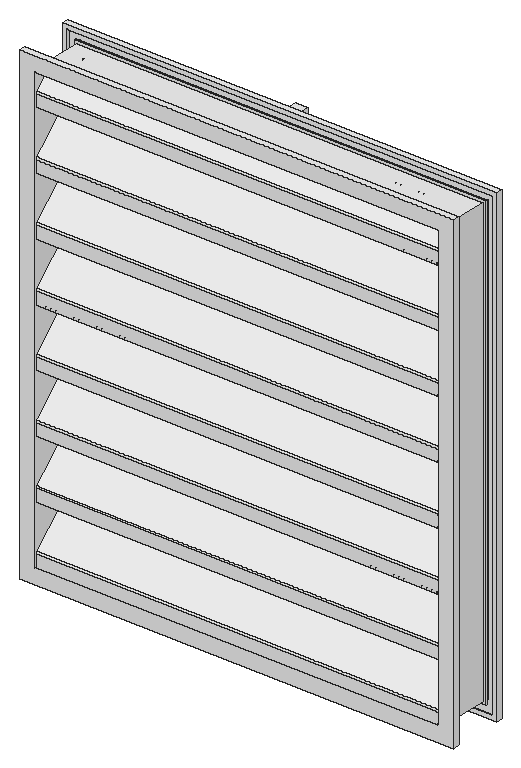
Revit family
Parameters (values of type "OHCL-C-102")
  URL = "http://www.productspec.net/products/18505/holyoake-industries-ltd/large-blade-outside-horizontal-louvers-ohl-102.aspx"
  Type Comments = "102mm Closable Horizontal Curved Profile Louvers in Channel Surround"
  Technical Data = "http://www.collate.co.nz/nas/TechnicalFiles/2367/p18505/F3-F5%20OHCL102%20124.pdf"
  Ownership = "Holyoake Industries Limited"
  Overall Opening = Exact Neck Height - 50.80 mm  # 769.20 mm
  Overall Depth = 38.30 mm
  Nominal Width = 756.00 mm
  Nominal Height = 826.00 mm
  Model = "OHCL-C-102"
  Manufacturer = "Holyoake Industries Limited"
  Keynote = ""
  Gang Bar With Actuator Width (plus min. 300mm clearance) = 150.00 mm
  Clearance Min. = 300.00 mm
  Channel Width = 25.40 mm
  Channel Thickness = 103.20 mm
  Exact Neck Width = Nominal Width - 6.00 mm  # 750.00 mm
  Exact Neck Height = Nominal Height - 6.00 mm  # 820.00 mm
  Description = "Holyoake Outside Horizontal Louvre"
  Created By = "Productspec Limited"
  Frame & Blades = Aluminium
  Top Blade Height = Overall Opening - Blade Cut Setout  # 55.20 mm
  Connector Width = Exact Neck Width - 74.80 mm  # 675.20 mm
  Connector Height = Exact Neck Height - 74.80 mm  # 745.20 mm
  Blade Width = 101.40 mm
  Blade Pitch = 102.00 mm
  Blade Offset = (Channel Thickness - Blade Width) / 2  # 0.90 mm
  Blade Length = Exact Neck Width - 50.80 mm  # 699.20 mm
  Blade Height = 134.90 mm
  Blade Cut Setout = Blade Count * Blade Pitch  # 714.00 mm
  Blade Count = Blade Array Count - 1  # 7
  Gang Bar Width (plus min. 300mm clearance) = 50.00 mm
  Blade Control = yes
  Blade Array Count = Overall Opening / Blade Pitch  # 7.5412
  Author = "Zinder Zhao"
  Assembly Code = ""
  Accessories = "Aluminium Bird mesh or insect mesh (fibreglass)"
Types (2, lengths in mm): name | Type Comments | Technical Data | Overall Opening | Nominal Width | Nominal Height | Model | Exact Neck Width | Exact Neck Height | Top Blade Height | Connector Width | Connector Height | Blade Length | Blade Cut Setout | Blade Count | Blade Control | Blade Array Count
  OHL-C-102 | "102mm Horizontal Curved Profile Louvers in Channel Surround" | "http://www.collate.co.nz/nas/TechnicalFiles/2367/p18505/F1-F2%20OHL102%20124.pdf" | 709.20 | 741.00 | 766.00 | "OHL-C-102" | 735.00 | 760.00 | 97.20 | 660.20 | 685.20 | 684.20 | 612.00 | 6 | no | 6.9529
  OHCL-C-102 | "102mm Closable Horizontal Curved Profile Louvers in Channel Surround" | "http://www.collate.co.nz/nas/TechnicalFiles/2367/p18505/F3-F5%20OHCL102%20124.pdf" | 769.20 | 756.00 | 826.00 | "OHCL-C-102" | 750.00 | 820.00 | 55.20 | 675.20 | 745.20 | 699.20 | 714.00 | 7 | yes | 7.5412
Reference planes
  plane 1 "Centre": y = 0
  plane 2: z = 25.4
  plane 3 "Center (Left/Right)": x = -20.2
  plane 4 "Overall Opening": z = 794.6
  plane 5: y = 103.2
  plane 6: z = 127.4
  plane 7: x = -398.2
  plane 8: x = 354.8
  plane 9: x = 357.8
  plane 10: x = -395.2
  plane 11: z = 820
  plane 12: z = 823
  plane 13: z = 410
  plane 14: z = 160.3
  plane 15 "Cut Blade Setout": z = 739.4
  plane 16 "Blade Offset": y = 0.9
  plane 17: z = 0
  plane 18: y = 102.3
  plane 19: z = -3
  plane 20: z = 782.6
  plane 21: z = 37.4
  plane 22: x = -357.8
  plane 23: x = 317.4
  plane 24: x = -369.8
  plane 25: x = 329.4
  plane 26: y = 153.2
  plane 27: y = 253.2
Forms (mm)
  Sweep 1, solid, material "Aluminium" <- "Frame & Blades", detail levels fine
    path origin (0, 0, 0) x (1, 0, 0) y (0, 0, 1)
      loop
        line (329.4, 25.4) -> (329.4, 794.6) -> (-369.8, 794.6) -> (-369.8, 25.4) -> (329.4, 25.4)
    profile "Holyoake_OutsideLouvre_OHL-102_Channel_profile : OHL-102 Channel Profile" origin (329.4, 0, 410) x (-1, 0, 0) y (0, -1, 0)
      loop
        line (12, -103.2) -> (12, -101.6) -> (0, -101.6) -> (0, 0) -> (-25.4, 0) -> (-25.4, -10.6) -> (-18.8, -10.6) -> (-18.8, -7.5) -> (-22.2, -7.5) -> (-22.2, -1.9) -> (-3.2, -1.9) -> (-3.2, -7.5) -> (-6.1, -7.5) -> (-6.1, -10.6) -> (-2.3, -10.6) -> (-2.3, -92.9) -> (-6.1, -92.9) -> (-6.1, -95.7) -> (-3.2, -95.7) -> (-3.2, -101.3) -> (-22.2, -101.3) -> (-22.2, -95.7) -> (-18.8, -95.7) -> (-18.8, -92.9) -> (-25.4, -92.9) -> (-25.4, -103.2) -> (12, -103.2)
  Extrusion 2, solid, material "Aluminium" <- "Frame & Blades", detail levels coarse+medium
    sketch origin (0, 0, 0) x (1, 0, 0) y (0, 1, 0)
      loop
        line (-395.2, 103.2) -> (-395.2, 0) -> (354.8, 0) -> (354.8, 103.2) -> (-395.2, 103.2)
    from 0 to 820
Dimensions and locks
  "Overall Opening": plane 4 "Overall Opening" to plane 2
  equal spacing: group 1, group 2, group 3, group 4, group 5, group 6, group 7  (x3)
  "Blade Pitch": plane 6 to plane 2
  "Blade Cut Setout": plane 15 "Cut Blade Setout" to plane 2
  "Blade Height": plane 14 to plane 2
  locked: plane 7 to plane 10 at 3
  locked: plane 12 to plane 11 at 3
  equal spacing: plane 10, plane 3 "Center (Left/Right)", plane 8
  "Exact Neck Width": plane 10 to plane 8
  "Nominal Width": plane 7 to plane 9
  "Blade Length": plane 24 to plane 25
  "Channel Thickness": plane 5 to plane 1 "Centre"
  equal spacing: plane 11, plane 13, plane 17
  "Exact Neck Height": plane 11 to plane 17
  "Nominal Height": plane 12 to plane 19
  "Blade Width": plane 18 to plane 16 "Blade Offset"
  "Channel Width": plane 10 to plane 24
  "Channel Width": plane 11 to plane 4 "Overall Opening"
  "Connector Height": plane 21 to plane 20
  "Connector Width": plane 22 to plane 23
  "Blade Offset": plane 16 "Blade Offset" to plane 1 "Centre"
  locked: plane 24 to plane 22 at 12
  locked: plane 4 "Overall Opening" to plane 20 at 12
  "Gang Bar With Actuator Width (plus min. 300mm clearance)": plane 5 to plane 27
  "Gang Bar Width (plus min. 300mm clearance)": plane 5 to plane 26
  aligned and locked: plane 4 "Overall Opening" to Sweep 1 sketch curve
  aligned and locked: Sweep 1 sketch curve to plane 2
  aligned and locked: Sweep 1 to plane 4 "Overall Opening"
  aligned and locked: nested 1 to plane 2  (x2)
  aligned and locked: nested 2 to plane 6  (x2)
  aligned and locked: plane 14 to nested 1  (x2)
  aligned and locked: plane 18 to nested 1  (x2)
  aligned and locked: plane 18 to nested 2
  aligned and locked: plane 2 to Sweep 1
  aligned and locked: nested 1 to plane 18
  aligned and locked: nested 3 to plane 15 "Cut Blade Setout"  (x2)
  aligned and locked: plane 4 "Overall Opening" to nested 3
  aligned and locked: Sweep 1 to plane 2
  aligned and locked: Sweep 1 to plane 20
  aligned and locked: plane 21 to Sweep 1  (x3)
  aligned and locked: plane 10 to Sweep 1
  aligned and locked: plane 8 to Sweep 1
  aligned and locked: plane 5 to Sweep 1
  aligned and locked: plane 25 to Sweep 1
  aligned and locked: plane 24 to Sweep 1
  aligned and locked: plane 11 to Sweep 1
  aligned and locked: plane 17 to Sweep 1
  aligned and locked: nested 1 to plane 16 "Blade Offset"
  aligned and locked: nested 2 to plane 16 "Blade Offset"
  aligned and locked: nested 4 to plane 16 "Blade Offset"
  aligned and locked: plane 16 "Blade Offset" to nested 3
  aligned and locked: plane 18 to nested 4
  aligned and locked: plane 20 to Sweep 1  (x3)
  aligned and locked: nested 3 to plane 24
  aligned and locked: nested 3 to plane 25
  aligned and locked: Sweep 1 sketch curve to plane 24
  aligned and locked: Sweep 1 sketch curve to plane 25
  aligned and locked: Sweep 1 to plane 21
  aligned and locked: plane 22 to Sweep 1
  aligned and locked: plane 23 to Sweep 1
  aligned and locked: Sweep 1 to plane 23
  aligned and locked: plane 26 to nested 6
  aligned and locked: plane 3 "Center (Left/Right)" to nested 6
  aligned and locked: Extrusion 2 sketch curve to Sweep 1  (x3)
  aligned and locked: Sweep 1 to Extrusion 2 sketch curve
  aligned and locked: Extrusion 2 to plane 17
  aligned and locked: plane 11 to Extrusion 2
Nested families
  nested 1: "Holyoake_OutsideLouvre_OHL-102_Blade" at (-20.2, 0.9, 25.4), type "Holyoake_OutsideLouvre_OHL-102_Blade"
    with Length 699.20 mm
  nested 2: "Holyoake_OutsideLouvre_OHL-102_Blade" at (-20.2, 0.9, 127.4), type "Holyoake_OutsideLouvre_OHL-102_Blade"
    with Length 699.20 mm
  nested 3: "Holyoake_OutsideLouvre_OHL-102_BladeCutted" at (-20.2, 0.9, 739.4), type "Holyoake_OutsideLouvre_OHL-102_BladeCutted"
    with Length 699.20 mm
  nested 4: "Holyoake_OutsideLouvre_OHL-102_Blade" at (-20.2, 0.9, 229.4), type "Holyoake_OutsideLouvre_OHL-102_Blade"
    with Length 699.20 mm
  nested 5: "Holyoake_OutsideLouvre_OHL-102_Blade" at (-20.2, 0.9, 331.4), type "Holyoake_OutsideLouvre_OHL-102_Blade"
    with Length 699.20 mm
  nested 6: "Holyoake_OutsideLouvre_OHCL_BladeControl" at (-40.2, 128.2, 25.4), visible <- "Blade Control", type "OHCL Blade Control", detail levels fine
  nested 7: "Holyoake_OutsideLouvre_OHL-102_Blade" at (-20.2, 0.9, 433.4), type "Holyoake_OutsideLouvre_OHL-102_Blade"
    with Length 699.20 mm
  nested 8: "Holyoake_OutsideLouvre_OHL-102_Blade" at (-20.2, 0.9, 535.4), type "Holyoake_OutsideLouvre_OHL-102_Blade"
    with Length 699.20 mm
  nested 9: "Holyoake_OutsideLouvre_OHL-102_Blade" at (-20.2, 0.9, 637.4), type "Holyoake_OutsideLouvre_OHL-102_Blade"
    with Length 699.20 mm
Connectors
  hvac at (-20.2, 103.2, 410), driven by "Connector Height", driven by "Connector Width"
    settings: on Sweep 1, index 1
Definition of nested family "Holyoake_OutsideLouvre_OHL-102_Blade"
  Parameters (values of type "Holyoake_OutsideLouvre_OHL-102_Blade")
    Width = 101.40 mm
    URL = "http://www.holyoake.co.nz/407.0.html"
    Type Comments = "Outside Louvre Blade"
    Ownership = "Holyoake Industries Ltd"
    Model = "OHL-102 Blade"
    Manufacturer = "Holyoake Industries Ltd"
    Length = 684.20 mm
    Height = 134.90 mm
    Created By = "Productspec Ltd"
    Blade = Aluminium
    Author = "Zinder Zhao"
    Assembly Code = ""
  Reference planes
    plane 1 "Center (Front/Back)": y = 0
    plane 2: z = 0
    plane 3 "Center (Left/Right)": x = 0
    plane 4: x = -342.1
    plane 5: x = 342.1
    plane 6: z = 134.9
    plane 7: y = 101.4
  Forms (mm)
    Sweep 1, solid, material "Aluminium" <- "Blade", detail levels fine
      path origin (0, 0, 0) x (1, 0, 0) y (0, 1, 0)
        loop
          line (-342.1, 0) -> (342.1, 0)
      profile "Holyoake_OutsideLouvre_OHL-102_Blade_profile : OHL-102 Blade Profile" origin (0, 0, 0) x (0, 1, 0) y (0, 0, 1)
        loop
          arc (3.972, 1.479) -> (4.111, 2.267) -> (3.498, 2.781) r 0.8
          line (3.498, 2.781) -> (2.071, 2.116)
          arc (2.071, 2.116) -> (1.586, 2.28) -> (1.3, 2.704) r 0.8
          line (1.3, 2.704) -> (1.3, 20.828)
          arc (1.3, 20.828) -> (1.61, 22.352) -> (2.491, 23.634) r 3.9
          line (2.491, 23.634) -> (70.385, 89.198)
          arc (70.385, 89.198) -> (71.887, 92.732) -> (71.132, 96.497) r 6.5
          line (71.132, 96.497) -> (68.665, 99.998)
          arc (68.665, 99.998) -> (68.163, 102.307) -> (69.469, 104.276) r 3.036
          line (69.469, 104.276) -> (88.354, 117.469) -> (88.354, 119.37)
          arc (88.354, 119.37) -> (88.595, 119.868) -> (89.098, 120.1) r 0.821
          line (89.098, 120.1) -> (94.898, 120.1) -> (94.898, 122.09) -> (100.723, 122.09)
          arc (100.723, 122.09) -> (101.182, 122.329) -> (101.4, 122.798) r 0.8
          line (101.4, 122.798) -> (101.4, 134.9) -> (100.6, 134.9) -> (97.428, 133.421)
          arc (97.428, 133.421) -> (97.289, 132.633) -> (97.902, 132.119) r 0.8
          line (97.902, 132.119) -> (99.329, 132.784)
          arc (99.329, 132.784) -> (99.813, 132.62) -> (100.1, 132.196) r 0.8
          line (100.1, 132.196) -> (100.1, 124.103)
          arc (100.1, 124.103) -> (99.87, 123.62) -> (99.387, 123.39) r 0.8
          line (99.387, 123.39) -> (93.598, 123.39) -> (93.598, 121.4) -> (87.811, 121.4)
          arc (87.811, 121.4) -> (87.321, 121.147) -> (87.101, 120.641) r 0.821
          line (87.101, 120.641) -> (87.101, 118.177) -> (68.933, 105.453)
          arc (68.933, 105.453) -> (66.907, 102.649) -> (67.597, 99.258) r 4.309
          line (67.597, 99.258) -> (70.023, 95.815)
          arc (70.023, 95.815) -> (70.595, 92.874) -> (69.449, 90.106) r 5.2
          line (69.449, 90.106) -> (1.588, 24.573)
          arc (1.588, 24.573) -> (0.413, 22.865) -> (0, 20.833) r 5.2
          line (0, 20.833) -> (0, 0) -> (0.8, 0) -> (3.972, 1.479)
  Dimensions and locks
    equal spacing: plane 4, plane 3 "Center (Left/Right)", plane 5
    "Length": plane 4 to plane 5
    "Height": plane 2 to plane 6
    "Width": plane 7 to plane 1 "Center (Front/Back)"
    aligned and locked: plane 1 "Center (Front/Back)" to Sweep 1 sketch curve
    aligned and locked: level to plane 2
    aligned and locked: plane 4 to Sweep 1
    aligned and locked: plane 5 to Sweep 1
    aligned and locked: Sweep 1 to plane 2
    aligned and locked: Sweep 1 to plane 6
    aligned and locked: plane 1 "Center (Front/Back)" to Sweep 1
  Automatic sketch dimensions
    Sweep 1 sketch curve to plane 4 = 0.00 mm
    Sweep 1 sketch curve to plane 5 = 0.00 mm
Definition of nested family "Holyoake_OutsideLouvre_OHL-102_BladeCutted"
  Parameters (values of type "Holyoake_OutsideLouvre_OHL-102_BladeCutted")
    Width = 101.40 mm
    URL = "http://www.holyoake.co.nz/407.0.html"
    Type Comments = "Outside Louvre Blade"
    Ownership = "Holyoake Industries Ltd"
    Model = "OHL-102 Blade"
    Manufacturer = "Holyoake Industries Ltd"
    Length = 684.20 mm
    Height = 134.90 mm
    Created By = "Productspec Ltd"
    Blade Cut Setout = 55.20 mm
    Blade = Aluminium
    Author = "Zinder Zhao"
    Assembly Code = ""
  Reference planes
    plane 1 "Center (Front/Back)": y = 0
    plane 2: z = 0
    plane 3 "Center (Left/Right)": x = 0
    plane 4 "Left": x = -342.1
    plane 5 "Right": x = 342.1
    plane 6 "Top": z = 134.9
    plane 7: y = 101.4
    plane 8: z = 55.2
  Forms (mm)
    Sweep 1, solid, material "Aluminium" <- "Blade", detail levels fine
      path origin (0, 0, 0) x (1, 0, 0) y (0, 1, 0)
        loop
          line (-342.1, 0) -> (342.1, 0)
      profile "Holyoake_OutsideLouvre_OHL-102_Blade_profile : OHL-102 Blade Profile" origin (0, 0, 0) x (0, 1, 0) y (0, 0, 1)
        loop
          arc (3.972, 1.479) -> (4.111, 2.267) -> (3.498, 2.781) r 0.8
          line (3.498, 2.781) -> (2.071, 2.116)
          arc (2.071, 2.116) -> (1.586, 2.28) -> (1.3, 2.704) r 0.8
          line (1.3, 2.704) -> (1.3, 20.828)
          arc (1.3, 20.828) -> (1.61, 22.352) -> (2.491, 23.634) r 3.9
          line (2.491, 23.634) -> (70.385, 89.198)
          arc (70.385, 89.198) -> (71.887, 92.732) -> (71.132, 96.497) r 6.5
          line (71.132, 96.497) -> (68.665, 99.998)
          arc (68.665, 99.998) -> (68.163, 102.307) -> (69.469, 104.276) r 3.036
          line (69.469, 104.276) -> (88.354, 117.469) -> (88.354, 119.37)
          arc (88.354, 119.37) -> (88.595, 119.868) -> (89.098, 120.1) r 0.821
          line (89.098, 120.1) -> (94.898, 120.1) -> (94.898, 122.09) -> (100.723, 122.09)
          arc (100.723, 122.09) -> (101.182, 122.329) -> (101.4, 122.798) r 0.8
          line (101.4, 122.798) -> (101.4, 134.9) -> (100.6, 134.9) -> (97.428, 133.421)
          arc (97.428, 133.421) -> (97.289, 132.633) -> (97.902, 132.119) r 0.8
          line (97.902, 132.119) -> (99.329, 132.784)
          arc (99.329, 132.784) -> (99.813, 132.62) -> (100.1, 132.196) r 0.8
          line (100.1, 132.196) -> (100.1, 124.103)
          arc (100.1, 124.103) -> (99.87, 123.62) -> (99.387, 123.39) r 0.8
          line (99.387, 123.39) -> (93.598, 123.39) -> (93.598, 121.4) -> (87.811, 121.4)
          arc (87.811, 121.4) -> (87.321, 121.147) -> (87.101, 120.641) r 0.821
          line (87.101, 120.641) -> (87.101, 118.177) -> (68.933, 105.453)
          arc (68.933, 105.453) -> (66.907, 102.649) -> (67.597, 99.258) r 4.309
          line (67.597, 99.258) -> (70.023, 95.815)
          arc (70.023, 95.815) -> (70.595, 92.874) -> (69.449, 90.106) r 5.2
          line (69.449, 90.106) -> (1.588, 24.573)
          arc (1.588, 24.573) -> (0.413, 22.865) -> (0, 20.833) r 5.2
          line (0, 20.833) -> (0, 0) -> (0.8, 0) -> (3.972, 1.479)
    Extrusion 2, void
      sketch origin (0, 0, 0) x (1, 0, 0) y (0, 0, 1)
        loop
          line (-342.1, 250) -> (-342.1, 55.2) -> (342.1, 55.2) -> (342.1, 250) -> (-342.1, 250)
      from -101.4 to 0
  Cuts and joins
    Extrusion 2 cuts Sweep 1
  Dimensions and locks
    equal spacing: plane 4 "Left", plane 3 "Center (Left/Right)", plane 5 "Right"
    "Length": plane 4 "Left" to plane 5 "Right"
    "Height": plane 2 to plane 6 "Top"
    "Width": plane 7 to plane 1 "Center (Front/Back)"
    "Blade Cut Setout": plane 8 to plane 2
    aligned and locked: plane 1 "Center (Front/Back)" to Sweep 1 sketch curve
    aligned and locked: level to plane 2
    aligned and locked: plane 4 "Left" to Sweep 1
    aligned and locked: plane 5 "Right" to Sweep 1
    aligned and locked: Extrusion 2 to plane 4 "Left"
    aligned and locked: plane 5 "Right" to Extrusion 2
    aligned and locked: plane 1 "Center (Front/Back)" to Extrusion 2
    aligned and locked: Extrusion 2 to plane 8
    aligned and locked: Extrusion 2 to Sweep 1
  Automatic sketch dimensions
    Sweep 1 sketch curve to plane 4 "Left" = 0.00 mm
    Sweep 1 sketch curve to plane 5 "Right" = 0.00 mm
    plane 6 "Top" to Extrusion 2 sketch curve = 79.70 mm
    plane 4 "Left" to Extrusion 2 sketch curve = 0.00 mm
    plane 3 "Center (Left/Right)" to Extrusion 2 sketch curve = 342.10 mm
    Extrusion 2 sketch curve to plane 6 "Top" = 115.10 mm
Definition of nested family "Holyoake_OutsideLouvre_OHCL_BladeControl"
  Parameters (values of type "OHCL Blade Control")
    Width = 40.00 mm
    URL = "http://www.productspec.net/products/comp/2367/holyoake-industries-ltd-products.aspx"
    Type Comments = "Closable Louvre Blade Control"
    Ownership = "Holyoake Industries Ltd"
    Model = "OHCL - 124 & 102"
    Manufacturer = "Holyoake Industries Ltd"
    Length = 769.20 mm
    Created By = "Productspec Ltd"
    Bracket Width = 15.00 mm
    Bracket Pitch = 102.00 mm
    Bracket Offset = Bracket Pitch  # 102.00 mm
    Bracket Number = Length / Bracket Pitch - 1  # 7
    Bracket = Aluminium
    Author = "Zinder Zhao"
    Assembly Code = ""
  Reference planes
    plane 1 "Center (Front/Back)": y = 0
    plane 2: z = 0
    plane 3 "Right": x = 40
    plane 4 "Centre": x = 20
    plane 5: y = 25
    plane 6: y = -35
    plane 7: z = 769.2
    plane 8: z = 102
    plane 9: z = 117
    plane 10: z = 204
    plane 11 "Left": x = 0
  Forms (mm)
    Extrusion 1, solid, material "Aluminium" <- "Bracket", detail levels medium+fine
      sketch origin (40, 0, 0) x (0, 1, 0) y (0, 0, 1)
        loop
          line (25, 769.2) -> (0, 769.2) -> (0, 0) -> (25, 0) -> (25, 769.2)
      from -40 to -20
    Extrusion 2, solid, material "Aluminium" <- "Bracket", detail levels fine
      sketch origin (20, -10, 22) x (0, 1, 0) y (0, 0, 1)
        loop
          line (26.487, 95) -> (-17.5, 95)
          arc (-17.5, 95) -> (-22.068, 93.365) -> (-25, 89.5) r 8.511
          line (-25, 89.5) -> (-25, 85.5)
          arc (-25, 85.5) -> (-22.068, 81.635) -> (-17.5, 80) r 8.511
          line (-17.5, 80) -> (26.487, 80)
          arc (26.487, 80) -> (33.987, 87.5) -> (26.487, 95) r 7.5
      from 0 to 20
    Extrusion 3, solid, material "Aluminium" <- "Bracket", detail levels fine
      sketch origin (20, -10, 124) x (0, 1, 0) y (0, 0, 1)
        loop
          line (26.487, 95) -> (-17.5, 95)
          arc (-17.5, 95) -> (-22.068, 93.365) -> (-25, 89.5) r 8.511
          line (-25, 89.5) -> (-25, 85.5)
          arc (-25, 85.5) -> (-22.068, 81.635) -> (-17.5, 80) r 8.511
          line (-17.5, 80) -> (26.487, 80)
          arc (26.487, 80) -> (33.987, 87.5) -> (26.487, 95) r 7.5
      from 0 to 20
    Extrusion 4, solid, material "Aluminium" <- "Bracket", detail levels fine
      sketch origin (20, -10, 226) x (0, 1, 0) y (0, 0, 1)
        loop
          line (26.487, 95) -> (-17.5, 95)
          arc (-17.5, 95) -> (-22.068, 93.365) -> (-25, 89.5) r 8.511
          line (-25, 89.5) -> (-25, 85.5)
          arc (-25, 85.5) -> (-22.068, 81.635) -> (-17.5, 80) r 8.511
          line (-17.5, 80) -> (26.487, 80)
          arc (26.487, 80) -> (33.987, 87.5) -> (26.487, 95) r 7.5
      from 0 to 20
    Extrusion 5, solid, material "Aluminium" <- "Bracket", detail levels fine
      sketch origin (20, -10, 328) x (0, 1, 0) y (0, 0, 1)
        loop
          line (26.487, 95) -> (-17.5, 95)
          arc (-17.5, 95) -> (-22.068, 93.365) -> (-25, 89.5) r 8.511
          line (-25, 89.5) -> (-25, 85.5)
          arc (-25, 85.5) -> (-22.068, 81.635) -> (-17.5, 80) r 8.511
          line (-17.5, 80) -> (26.487, 80)
          arc (26.487, 80) -> (33.987, 87.5) -> (26.487, 95) r 7.5
      from 0 to 20
    Extrusion 6, solid, material "Aluminium" <- "Bracket", detail levels fine
      sketch origin (20, -10, 430) x (0, 1, 0) y (0, 0, 1)
        loop
          line (26.487, 95) -> (-17.5, 95)
          arc (-17.5, 95) -> (-22.068, 93.365) -> (-25, 89.5) r 8.511
          line (-25, 89.5) -> (-25, 85.5)
          arc (-25, 85.5) -> (-22.068, 81.635) -> (-17.5, 80) r 8.511
          line (-17.5, 80) -> (26.487, 80)
          arc (26.487, 80) -> (33.987, 87.5) -> (26.487, 95) r 7.5
      from 0 to 20
    Extrusion 7, solid, material "Aluminium" <- "Bracket", detail levels fine
      sketch origin (20, -10, 532) x (0, 1, 0) y (0, 0, 1)
        loop
          line (26.487, 95) -> (-17.5, 95)
          arc (-17.5, 95) -> (-22.068, 93.365) -> (-25, 89.5) r 8.511
          line (-25, 89.5) -> (-25, 85.5)
          arc (-25, 85.5) -> (-22.068, 81.635) -> (-17.5, 80) r 8.511
          line (-17.5, 80) -> (26.487, 80)
          arc (26.487, 80) -> (33.987, 87.5) -> (26.487, 95) r 7.5
      from 0 to 20
    Extrusion 8, solid, material "Aluminium" <- "Bracket", detail levels fine
      sketch origin (20, -10, 634) x (0, 1, 0) y (0, 0, 1)
        loop
          line (26.487, 95) -> (-17.5, 95)
          arc (-17.5, 95) -> (-22.068, 93.365) -> (-25, 89.5) r 8.511
          line (-25, 89.5) -> (-25, 85.5)
          arc (-25, 85.5) -> (-22.068, 81.635) -> (-17.5, 80) r 8.511
          line (-17.5, 80) -> (26.487, 80)
          arc (26.487, 80) -> (33.987, 87.5) -> (26.487, 95) r 7.5
      from 0 to 20
  Dimensions and locks
    equal spacing: group 1, group 2, group 3, group 4, group 5, group 6, group 7  (x3)
    "Bracket Offset": plane 8 to plane 2
    "Bracket Width": plane 9 to plane 8
    "Bracket Pitch": plane 10 to plane 8
    "Length": plane 7 to plane 2
    plane 6 to plane 1 "Center (Front/Back)" = 35.00 mm
    aligned and locked: level to plane 2
    aligned and locked: Extrusion 1 sketch curve to plane 5
    aligned and locked: plane 7 to Extrusion 1 sketch curve
    aligned and locked: level to Extrusion 1 sketch curve
    aligned and locked: plane 1 "Center (Front/Back)" to Extrusion 1 sketch curve
    aligned and locked: Extrusion 2 to plane 4 "Centre"
    aligned and locked: plane 3 "Right" to Extrusion 2
    aligned and locked: Extrusion 1 to plane 5  (x2)
    aligned and locked: plane 1 "Center (Front/Back)" to Extrusion 1  (x2)
    aligned and locked: plane 6 to Extrusion 2
    aligned and locked: Extrusion 2 to plane 3 "Right"
    aligned and locked: plane 4 "Centre" to Extrusion 2
    aligned and locked: Extrusion 2 to plane 8
    aligned and locked: plane 9 to Extrusion 2
    aligned and locked: Extrusion 3 to plane 10
    aligned and locked: plane 6 to Extrusion 3
    aligned and locked: plane 6 to Extrusion 4
    aligned and locked: plane 7 to Extrusion 1
    aligned and locked: Extrusion 1 to plane 2
    aligned and locked: plane 4 "Centre" to Extrusion 1
  Automatic sketch dimensions
    Extrusion 6 sketch curve to Extrusion 6 sketch curve = 7.50 mm  (x3)
    Extrusion 6 sketch curve to Extrusion 6 sketch curve = 0.466 mm
    Extrusion 6 sketch curve to Extrusion 6 sketch curve = 0.00 mm
    Extrusion 6 sketch curve to Extrusion 6 sketch curve = 43.521 mm
    Extrusion 6 sketch curve to Extrusion 6 sketch curve = 5.50 mm
    Extrusion 6 sketch curve to Extrusion 6 sketch curve = 1.997 mm
    Extrusion 2 sketch curve to Extrusion 2 sketch curve = 7.50 mm  (x3)
    Extrusion 2 sketch curve to Extrusion 2 sketch curve = 0.466 mm
    Extrusion 2 sketch curve to Extrusion 2 sketch curve = 0.00 mm
    Extrusion 2 sketch curve to Extrusion 2 sketch curve = 43.521 mm
    Extrusion 2 sketch curve to Extrusion 2 sketch curve = 5.50 mm
    Extrusion 2 sketch curve to Extrusion 2 sketch curve = 1.997 mm
    Extrusion 3 sketch curve to Extrusion 3 sketch curve = 7.50 mm  (x3)
    Extrusion 3 sketch curve to Extrusion 3 sketch curve = 0.466 mm
    Extrusion 3 sketch curve to Extrusion 3 sketch curve = 0.00 mm
    Extrusion 3 sketch curve to Extrusion 3 sketch curve = 43.521 mm
    Extrusion 3 sketch curve to Extrusion 3 sketch curve = 5.50 mm
    Extrusion 3 sketch curve to Extrusion 3 sketch curve = 1.997 mm
    Extrusion 4 sketch curve to Extrusion 4 sketch curve = 7.50 mm  (x3)
    Extrusion 4 sketch curve to Extrusion 4 sketch curve = 0.466 mm
    Extrusion 4 sketch curve to Extrusion 4 sketch curve = 0.00 mm
    Extrusion 4 sketch curve to Extrusion 4 sketch curve = 43.521 mm
    Extrusion 4 sketch curve to Extrusion 4 sketch curve = 5.50 mm
    Extrusion 4 sketch curve to Extrusion 4 sketch curve = 1.997 mm
    Extrusion 5 sketch curve to Extrusion 5 sketch curve = 7.50 mm  (x3)
    Extrusion 5 sketch curve to Extrusion 5 sketch curve = 0.466 mm
    Extrusion 5 sketch curve to Extrusion 5 sketch curve = 0.00 mm
    Extrusion 5 sketch curve to Extrusion 5 sketch curve = 43.521 mm
    Extrusion 5 sketch curve to Extrusion 5 sketch curve = 5.50 mm
    Extrusion 5 sketch curve to Extrusion 5 sketch curve = 1.997 mm
    Extrusion 7 sketch curve to Extrusion 7 sketch curve = 7.50 mm  (x3)
    Extrusion 7 sketch curve to Extrusion 7 sketch curve = 0.466 mm
    Extrusion 7 sketch curve to Extrusion 7 sketch curve = 0.00 mm
    Extrusion 7 sketch curve to Extrusion 7 sketch curve = 43.521 mm
    Extrusion 7 sketch curve to Extrusion 7 sketch curve = 5.50 mm
    Extrusion 7 sketch curve to Extrusion 7 sketch curve = 1.997 mm
    Extrusion 8 sketch curve to Extrusion 8 sketch curve = 7.50 mm  (x3)
    Extrusion 8 sketch curve to Extrusion 8 sketch curve = 0.466 mm
    Extrusion 8 sketch curve to Extrusion 8 sketch curve = 0.00 mm
    Extrusion 8 sketch curve to Extrusion 8 sketch curve = 43.521 mm
    Extrusion 8 sketch curve to Extrusion 8 sketch curve = 5.50 mm
    Extrusion 8 sketch curve to Extrusion 8 sketch curve = 1.997 mm
